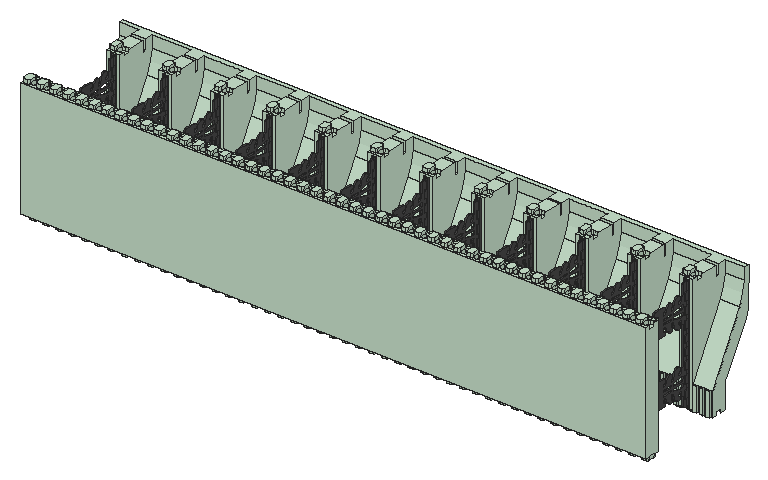
Revit family "ICF- NUDURA 10-inch- Brick Ledge Form Unit- Imperial", category Generic Models, Revit 2010
Parameters (values of type "Standard 6" Form Unit")
  Core Thickness = 0' - 6"
Reference planes (in)
  plane 1 "Center (Front/Back)": y = -2
  plane 2: z = 0
  plane 3 "Center (Left/Right)": x = 0
  plane 4: x = 96
  plane 5: y = 3
  plane 6: y = -7
  plane 7: y = 5.625
  plane 8: y = -9.625
  plane 9: z = 18
  plane 10: z = 18.5
  plane 11: z = -0.5
Forms (in)
  Extrusion 1, solid, material "NUDURA Expanded Polystyrene Foam Insulation"
    sketch origin (0, -4, 0) x (1, 0, 0) y (0, 1, 0)
      loop
        line (0.28117, -3.25) -> (0, -3.25) -> (0, -5.625) -> (96, -5.625) -> (96, -3.25) -> (95.71883, -3.25) -> (95.78117, -3) -> (95.21883, -3) -> (95.28117, -3.25) -> (94.71883, -3.25) -> (94.78117, -3) -> (94.21883, -3) -> (94.28117, -3.25) -> (93.71883, -3.25) -> (93.78117, -3) -> (93.21883, -3) -> (93.28117, -3.25) -> (90.71883, -3.25) -> (90.78117, -3) -> (90.21883, -3) -> (90.28117, -3.25) -> (89.71883, -3.25) -> (89.78117, -3) -> (89.21883, -3) -> (89.28117, -3.25) -> (88.71883, -3.25) -> (88.78117, -3) -> (88.21883, -3) -> (88.28117, -3.25) -> (87.71883, -3.25) -> (87.78117, -3) -> (87.21883, -3) -> (87.28117, -3.25) -> (86.71883, -3.25) -> (86.78117, -3) -> (86.21883, -3) -> (86.28117, -3.25) -> (85.71883, -3.25) -> (85.78117, -3) -> (85.21883, -3) -> (85.28117, -3.25) -> (82.71883, -3.25) -> (82.78117, -3) -> (82.21883, -3) -> (82.28117, -3.25) -> (81.71883, -3.25) -> (81.78117, -3) -> (81.21883, -3) -> (81.28117, -3.25) -> (80.71883, -3.25) -> (80.78117, -3) -> (80.21883, -3) -> (80.28117, -3.25) -> (79.71883, -3.25) -> (79.78117, -3) -> (79.21883, -3) -> (79.28117, -3.25) -> (78.71883, -3.25) -> (78.78117, -3) -> (78.21883, -3) -> (78.28117, -3.25) -> (77.71883, -3.25) -> (77.78117, -3) -> (77.21883, -3) -> (77.28117, -3.25) -> (74.71883, -3.25) -> (74.78117, -3) -> (74.21883, -3) -> (74.28117, -3.25) -> (73.71883, -3.25) -> (73.78117, -3) -> (73.21883, -3) -> (73.28117, -3.25) -> (72.71883, -3.25) -> (72.78117, -3) -> (72.21883, -3) -> (72.28117, -3.25) -> (71.71883, -3.25) -> (71.78117, -3) -> (71.21883, -3) -> (71.28117, -3.25) -> (70.71883, -3.25) -> (70.78117, -3) -> (70.21883, -3) -> (70.28117, -3.25) -> (69.71883, -3.25) -> (69.78117, -3) -> (69.21883, -3) -> (69.28117, -3.25) -> (66.71883, -3.25) -> (66.78117, -3) -> (66.21883, -3) -> (66.28117, -3.25) -> (65.71883, -3.25) -> (65.78117, -3) -> (65.21883, -3) -> (65.28117, -3.25) -> (64.71883, -3.25) -> (64.78117, -3) -> (64.21883, -3) -> (64.28117, -3.25) -> (63.71883, -3.25) -> (63.78117, -3) -> (63.21883, -3) -> (63.28117, -3.25) -> (62.71883, -3.25) -> (62.78117, -3) -> (62.21883, -3) -> (62.28117, -3.25) -> (61.71883, -3.25) -> (61.78117, -3) -> (61.21883, -3) -> (61.28117, -3.25) -> (58.71883, -3.25) -> (58.78117, -3) -> (58.21883, -3) -> (58.28117, -3.25) -> (57.71883, -3.25) -> (57.78117, -3) -> (57.21883, -3) -> (57.28117, -3.25) -> (56.71883, -3.25) -> (56.78117, -3) -> (56.21883, -3) -> (56.28117, -3.25) -> (55.71883, -3.25) -> (55.78117, -3) -> (55.21883, -3) -> (55.28117, -3.25) -> (54.71883, -3.25) -> (54.78117, -3) -> (54.21883, -3) -> (54.28117, -3.25) -> (53.71883, -3.25) -> (53.78117, -3) -> (53.21883, -3) -> (53.28117, -3.25) -> (50.71883, -3.25) -> (50.78117, -3) -> (50.21883, -3) -> (50.28117, -3.25) -> (49.71883, -3.25) -> (49.78117, -3) -> (49.21883, -3) -> (49.28117, -3.25) -> (48.71883, -3.25) -> (48.78117, -3) -> (48.21883, -3) -> (48.28117, -3.25) -> (47.71883, -3.25) -> (47.78117, -3) -> (47.21883, -3) -> (47.28117, -3.25) -> (46.71883, -3.25) -> (46.78117, -3) -> (46.21883, -3) -> (46.28117, -3.25) -> (45.71883, -3.25) -> (45.78117, -3) -> (45.21883, -3) -> (45.28117, -3.25) -> (42.71883, -3.25) -> (42.78117, -3) -> (42.21883, -3) -> (42.28117, -3.25) -> (41.71883, -3.25) -> (41.78117, -3) -> (41.21883, -3) -> (41.28117, -3.25) -> (40.71883, -3.25) -> (40.78117, -3) -> (40.21883, -3) -> (40.28117, -3.25) -> (39.71883, -3.25) -> (39.78117, -3) -> (39.21883, -3) -> (39.28117, -3.25) -> (38.71883, -3.25) -> (38.78117, -3) -> (38.21883, -3) -> (38.28117, -3.25) -> (37.71883, -3.25) -> (37.78117, -3) -> (37.21883, -3) -> (37.28117, -3.25) -> (34.71883, -3.25) -> (34.78117, -3) -> (34.21883, -3) -> (34.28117, -3.25) -> (33.71883, -3.25) -> (33.78117, -3) -> (33.21883, -3) -> (33.28117, -3.25) -> (32.71883, -3.25) -> (32.78117, -3) -> (32.21883, -3) -> (32.28117, -3.25) -> (31.71883, -3.25) -> (31.78117, -3) -> (31.21883, -3) -> (31.28117, -3.25) -> (30.71883, -3.25) -> (30.78117, -3) -> (30.21883, -3) -> (30.28117, -3.25) -> (29.71883, -3.25) -> (29.78117, -3) -> (29.21883, -3) -> (29.28117, -3.25) -> (26.71883, -3.25) -> (26.78117, -3) -> (26.21883, -3) -> (26.28117, -3.25) -> (25.71883, -3.25) -> (25.78117, -3) -> (25.21883, -3) -> (25.28117, -3.25) -> (24.71883, -3.25) -> (24.78117, -3) -> (24.21883, -3) -> (24.28117, -3.25) -> (23.71883, -3.25) -> (23.78117, -3) -> (23.21883, -3) -> (23.28117, -3.25) -> (22.71883, -3.25) -> (22.78117, -3) -> (22.21883, -3) -> (22.28117, -3.25) -> (21.71883, -3.25) -> (21.78117, -3) -> (21.21883, -3) -> (21.28117, -3.25) -> (18.71883, -3.25) -> (18.78117, -3) -> (18.21883, -3) -> (18.28117, -3.25) -> (17.71883, -3.25) -> (17.78117, -3) -> (17.21883, -3) -> (17.28117, -3.25) -> (16.71883, -3.25) -> (16.78117, -3) -> (16.21883, -3) -> (16.28117, -3.25) -> (15.71883, -3.25) -> (15.78117, -3) -> (15.21883, -3) -> (15.28117, -3.25) -> (14.71883, -3.25) -> (14.78117, -3) -> (14.21883, -3) -> (14.28117, -3.25) -> (13.71883, -3.25) -> (13.78117, -3) -> (13.21883, -3) -> (13.28117, -3.25) -> (10.71883, -3.25) -> (10.78117, -3) -> (10.21883, -3) -> (10.28117, -3.25) -> (9.71883, -3.25) -> (9.78117, -3) -> (9.21883, -3) -> (9.28117, -3.25) -> (8.71883, -3.25) -> (8.78117, -3) -> (8.21883, -3) -> (8.28117, -3.25) -> (7.71883, -3.25) -> (7.78117, -3) -> (7.21883, -3) -> (7.28117, -3.25) -> (6.71883, -3.25) -> (6.78117, -3) -> (6.21883, -3) -> (6.28117, -3.25) -> (5.71883, -3.25) -> (5.78117, -3) -> (5.21883, -3) -> (5.28117, -3.25) -> (2.71883, -3.25) -> (2.78117, -3) -> (2.21883, -3) -> (2.28117, -3.25) -> (1.71883, -3.25) -> (1.78117, -3) -> (1.21883, -3) -> (1.28117, -3.25) -> (0.71883, -3.25) -> (0.78117, -3) -> (0.21883, -3) -> (0.28117, -3.25)
    from 0 to 18
  Extrusion 2, void
    sketch origin (0, -4, 0) x (1, 0, 0) y (0, 1, 0)
      loop
        arc (1, -4.89808) -> (1.04785, -5.04517) -> (1.17308, -5.13595) r 0.25
        arc (1.17308, -5.13595) -> (1.5, -5.1875) -> (1.82692, -5.13595) r 1.0625
        arc (1.82692, -5.13595) -> (1.95215, -5.04517) -> (2, -4.89808) r 0.25
        line (2, -4.89808) -> (2, -3.97692)
        arc (2, -3.97692) -> (1.98276, -3.88568) -> (1.9334, -3.80702) r 0.25
        arc (1.9334, -3.80702) -> (1.92106, -3.78736) -> (1.91675, -3.76455) r 0.0625
        line (1.91675, -3.76455) -> (1.91675, -3.41845) -> (1.74592, -3.41845) -> (1.74592, -3.64005)
        arc (1.74592, -3.64005) -> (1.72385, -3.68771) -> (1.67323, -3.70172) r 0.0625
        arc (1.67323, -3.70172) -> (1.42092, -3.69045) -> (1.17308, -3.73905) r 1.0625
        arc (1.17308, -3.73905) -> (1.04785, -3.82983) -> (1, -3.97692) r 0.25
        line (1, -3.97692) -> (1, -4.89808)
    from 18 to 17.5
  Extrusion 3, void
    sketch origin (2, -4, 0) x (1, 0, 0) y (0, 1, 0)
      loop
        arc (1, -4.89808) -> (1.04785, -5.04517) -> (1.17308, -5.13595) r 0.25
        arc (1.17308, -5.13595) -> (1.5, -5.1875) -> (1.82692, -5.13595) r 1.0625
        arc (1.82692, -5.13595) -> (1.95215, -5.04517) -> (2, -4.89808) r 0.25
        line (2, -4.89808) -> (2, -3.97692)
        arc (2, -3.97692) -> (1.98276, -3.88568) -> (1.9334, -3.80702) r 0.25
        arc (1.9334, -3.80702) -> (1.92106, -3.78736) -> (1.91675, -3.76455) r 0.0625
        line (1.91675, -3.76455) -> (1.91675, -3.41845) -> (1.74592, -3.41845) -> (1.74592, -3.64005)
        arc (1.74592, -3.64005) -> (1.72385, -3.68771) -> (1.67323, -3.70172) r 0.0625
        arc (1.67323, -3.70172) -> (1.42092, -3.69045) -> (1.17308, -3.73905) r 1.0625
        arc (1.17308, -3.73905) -> (1.04785, -3.82983) -> (1, -3.97692) r 0.25
        line (1, -3.97692) -> (1, -4.89808)
    from 18 to 17.5
  Extrusion 4, void
    sketch origin (4, -4, 0) x (1, 0, 0) y (0, 1, 0)
      loop
        arc (1, -4.89808) -> (1.04785, -5.04517) -> (1.17308, -5.13595) r 0.25
        arc (1.17308, -5.13595) -> (1.5, -5.1875) -> (1.82692, -5.13595) r 1.0625
        arc (1.82692, -5.13595) -> (1.95215, -5.04517) -> (2, -4.89808) r 0.25
        line (2, -4.89808) -> (2, -3.97692)
        arc (2, -3.97692) -> (1.98276, -3.88568) -> (1.9334, -3.80702) r 0.25
        arc (1.9334, -3.80702) -> (1.92106, -3.78736) -> (1.91675, -3.76455) r 0.0625
        line (1.91675, -3.76455) -> (1.91675, -3.41845) -> (1.74592, -3.41845) -> (1.74592, -3.64005)
        arc (1.74592, -3.64005) -> (1.72385, -3.68771) -> (1.67323, -3.70172) r 0.0625
        arc (1.67323, -3.70172) -> (1.42092, -3.69045) -> (1.17308, -3.73905) r 1.0625
        arc (1.17308, -3.73905) -> (1.04785, -3.82983) -> (1, -3.97692) r 0.25
        line (1, -3.97692) -> (1, -4.89808)
    from 18 to 17.5
  Extrusion 5, void
    sketch origin (6, -4, 0) x (1, 0, 0) y (0, 1, 0)
      loop
        arc (1, -4.89808) -> (1.04785, -5.04517) -> (1.17308, -5.13595) r 0.25
        arc (1.17308, -5.13595) -> (1.5, -5.1875) -> (1.82692, -5.13595) r 1.0625
        arc (1.82692, -5.13595) -> (1.95215, -5.04517) -> (2, -4.89808) r 0.25
        line (2, -4.89808) -> (2, -3.97692)
        arc (2, -3.97692) -> (1.98276, -3.88568) -> (1.9334, -3.80702) r 0.25
        arc (1.9334, -3.80702) -> (1.92106, -3.78736) -> (1.91675, -3.76455) r 0.0625
        line (1.91675, -3.76455) -> (1.91675, -3.41845) -> (1.74592, -3.41845) -> (1.74592, -3.64005)
        arc (1.74592, -3.64005) -> (1.72385, -3.68771) -> (1.67323, -3.70172) r 0.0625
        arc (1.67323, -3.70172) -> (1.42092, -3.69045) -> (1.17308, -3.73905) r 1.0625
        arc (1.17308, -3.73905) -> (1.04785, -3.82983) -> (1, -3.97692) r 0.25
        line (1, -3.97692) -> (1, -4.89808)
    from 18 to 17.5
  Extrusion 6, void
    sketch origin (8, -4, 0) x (1, 0, 0) y (0, 1, 0)
      loop
        arc (1, -4.89808) -> (1.04785, -5.04517) -> (1.17308, -5.13595) r 0.25
        arc (1.17308, -5.13595) -> (1.5, -5.1875) -> (1.82692, -5.13595) r 1.0625
        arc (1.82692, -5.13595) -> (1.95215, -5.04517) -> (2, -4.89808) r 0.25
        line (2, -4.89808) -> (2, -3.97692)
        arc (2, -3.97692) -> (1.98276, -3.88568) -> (1.9334, -3.80702) r 0.25
        arc (1.9334, -3.80702) -> (1.92106, -3.78736) -> (1.91675, -3.76455) r 0.0625
        line (1.91675, -3.76455) -> (1.91675, -3.41845) -> (1.74592, -3.41845) -> (1.74592, -3.64005)
        arc (1.74592, -3.64005) -> (1.72385, -3.68771) -> (1.67323, -3.70172) r 0.0625
        arc (1.67323, -3.70172) -> (1.42092, -3.69045) -> (1.17308, -3.73905) r 1.0625
        arc (1.17308, -3.73905) -> (1.04785, -3.82983) -> (1, -3.97692) r 0.25
        line (1, -3.97692) -> (1, -4.89808)
    from 18 to 17.5
  Extrusion 7, void
    sketch origin (10, -4, 0) x (1, 0, 0) y (0, 1, 0)
      loop
        arc (1, -4.89808) -> (1.04785, -5.04517) -> (1.17308, -5.13595) r 0.25
        arc (1.17308, -5.13595) -> (1.5, -5.1875) -> (1.82692, -5.13595) r 1.0625
        arc (1.82692, -5.13595) -> (1.95215, -5.04517) -> (2, -4.89808) r 0.25
        line (2, -4.89808) -> (2, -3.97692)
        arc (2, -3.97692) -> (1.98276, -3.88568) -> (1.9334, -3.80702) r 0.25
        arc (1.9334, -3.80702) -> (1.92106, -3.78736) -> (1.91675, -3.76455) r 0.0625
        line (1.91675, -3.76455) -> (1.91675, -3.41845) -> (1.74592, -3.41845) -> (1.74592, -3.64005)
        arc (1.74592, -3.64005) -> (1.72385, -3.68771) -> (1.67323, -3.70172) r 0.0625
        arc (1.67323, -3.70172) -> (1.42092, -3.69045) -> (1.17308, -3.73905) r 1.0625
        arc (1.17308, -3.73905) -> (1.04785, -3.82983) -> (1, -3.97692) r 0.25
        line (1, -3.97692) -> (1, -4.89808)
    from 18 to 17.5
  Extrusion 8, void
    sketch origin (12, -4, 0) x (1, 0, 0) y (0, 1, 0)
      loop
        arc (1, -4.89808) -> (1.04785, -5.04517) -> (1.17308, -5.13595) r 0.25
        arc (1.17308, -5.13595) -> (1.5, -5.1875) -> (1.82692, -5.13595) r 1.0625
        arc (1.82692, -5.13595) -> (1.95215, -5.04517) -> (2, -4.89808) r 0.25
        line (2, -4.89808) -> (2, -3.97692)
        arc (2, -3.97692) -> (1.98276, -3.88568) -> (1.9334, -3.80702) r 0.25
        arc (1.9334, -3.80702) -> (1.92106, -3.78736) -> (1.91675, -3.76455) r 0.0625
        line (1.91675, -3.76455) -> (1.91675, -3.41845) -> (1.74592, -3.41845) -> (1.74592, -3.64005)
        arc (1.74592, -3.64005) -> (1.72385, -3.68771) -> (1.67323, -3.70172) r 0.0625
        arc (1.67323, -3.70172) -> (1.42092, -3.69045) -> (1.17308, -3.73905) r 1.0625
        arc (1.17308, -3.73905) -> (1.04785, -3.82983) -> (1, -3.97692) r 0.25
        line (1, -3.97692) -> (1, -4.89808)
    from 18 to 17.5
  Extrusion 9, void
    sketch origin (14, -4, 0) x (1, 0, 0) y (0, 1, 0)
      loop
        arc (1, -4.89808) -> (1.04785, -5.04517) -> (1.17308, -5.13595) r 0.25
        arc (1.17308, -5.13595) -> (1.5, -5.1875) -> (1.82692, -5.13595) r 1.0625
        arc (1.82692, -5.13595) -> (1.95215, -5.04517) -> (2, -4.89808) r 0.25
        line (2, -4.89808) -> (2, -3.97692)
        arc (2, -3.97692) -> (1.98276, -3.88568) -> (1.9334, -3.80702) r 0.25
        arc (1.9334, -3.80702) -> (1.92106, -3.78736) -> (1.91675, -3.76455) r 0.0625
        line (1.91675, -3.76455) -> (1.91675, -3.41845) -> (1.74592, -3.41845) -> (1.74592, -3.64005)
        arc (1.74592, -3.64005) -> (1.72385, -3.68771) -> (1.67323, -3.70172) r 0.0625
        arc (1.67323, -3.70172) -> (1.42092, -3.69045) -> (1.17308, -3.73905) r 1.0625
        arc (1.17308, -3.73905) -> (1.04785, -3.82983) -> (1, -3.97692) r 0.25
        line (1, -3.97692) -> (1, -4.89808)
    from 18 to 17.5
  Extrusion 10, void
    sketch origin (16, -4, 0) x (1, 0, 0) y (0, 1, 0)
      loop
        arc (1, -4.89808) -> (1.04785, -5.04517) -> (1.17308, -5.13595) r 0.25
        arc (1.17308, -5.13595) -> (1.5, -5.1875) -> (1.82692, -5.13595) r 1.0625
        arc (1.82692, -5.13595) -> (1.95215, -5.04517) -> (2, -4.89808) r 0.25
        line (2, -4.89808) -> (2, -3.97692)
        arc (2, -3.97692) -> (1.98276, -3.88568) -> (1.9334, -3.80702) r 0.25
        arc (1.9334, -3.80702) -> (1.92106, -3.78736) -> (1.91675, -3.76455) r 0.0625
        line (1.91675, -3.76455) -> (1.91675, -3.41845) -> (1.74592, -3.41845) -> (1.74592, -3.64005)
        arc (1.74592, -3.64005) -> (1.72385, -3.68771) -> (1.67323, -3.70172) r 0.0625
        arc (1.67323, -3.70172) -> (1.42092, -3.69045) -> (1.17308, -3.73905) r 1.0625
        arc (1.17308, -3.73905) -> (1.04785, -3.82983) -> (1, -3.97692) r 0.25
        line (1, -3.97692) -> (1, -4.89808)
    from 18 to 17.5
  Extrusion 11, void
    sketch origin (18, -4, 0) x (1, 0, 0) y (0, 1, 0)
      loop
        arc (1, -4.89808) -> (1.04785, -5.04517) -> (1.17308, -5.13595) r 0.25
        arc (1.17308, -5.13595) -> (1.5, -5.1875) -> (1.82692, -5.13595) r 1.0625
        arc (1.82692, -5.13595) -> (1.95215, -5.04517) -> (2, -4.89808) r 0.25
        line (2, -4.89808) -> (2, -3.97692)
        arc (2, -3.97692) -> (1.98276, -3.88568) -> (1.9334, -3.80702) r 0.25
        arc (1.9334, -3.80702) -> (1.92106, -3.78736) -> (1.91675, -3.76455) r 0.0625
        line (1.91675, -3.76455) -> (1.91675, -3.41845) -> (1.74592, -3.41845) -> (1.74592, -3.64005)
        arc (1.74592, -3.64005) -> (1.72385, -3.68771) -> (1.67323, -3.70172) r 0.0625
        arc (1.67323, -3.70172) -> (1.42092, -3.69045) -> (1.17308, -3.73905) r 1.0625
        arc (1.17308, -3.73905) -> (1.04785, -3.82983) -> (1, -3.97692) r 0.25
        line (1, -3.97692) -> (1, -4.89808)
    from 18 to 17.5
  Extrusion 12, void
    sketch origin (20, -4, 0) x (1, 0, 0) y (0, 1, 0)
      loop
        arc (1, -4.89808) -> (1.04785, -5.04517) -> (1.17308, -5.13595) r 0.25
        arc (1.17308, -5.13595) -> (1.5, -5.1875) -> (1.82692, -5.13595) r 1.0625
        arc (1.82692, -5.13595) -> (1.95215, -5.04517) -> (2, -4.89808) r 0.25
        line (2, -4.89808) -> (2, -3.97692)
        arc (2, -3.97692) -> (1.98276, -3.88568) -> (1.9334, -3.80702) r 0.25
        arc (1.9334, -3.80702) -> (1.92106, -3.78736) -> (1.91675, -3.76455) r 0.0625
        line (1.91675, -3.76455) -> (1.91675, -3.41845) -> (1.74592, -3.41845) -> (1.74592, -3.64005)
        arc (1.74592, -3.64005) -> (1.72385, -3.68771) -> (1.67323, -3.70172) r 0.0625
        arc (1.67323, -3.70172) -> (1.42092, -3.69045) -> (1.17308, -3.73905) r 1.0625
        arc (1.17308, -3.73905) -> (1.04785, -3.82983) -> (1, -3.97692) r 0.25
        line (1, -3.97692) -> (1, -4.89808)
    from 18 to 17.5
  Extrusion 13, void
    sketch origin (22, -4, 0) x (1, 0, 0) y (0, 1, 0)
      loop
        arc (1, -4.89808) -> (1.04785, -5.04517) -> (1.17308, -5.13595) r 0.25
        arc (1.17308, -5.13595) -> (1.5, -5.1875) -> (1.82692, -5.13595) r 1.0625
        arc (1.82692, -5.13595) -> (1.95215, -5.04517) -> (2, -4.89808) r 0.25
        line (2, -4.89808) -> (2, -3.97692)
        arc (2, -3.97692) -> (1.98276, -3.88568) -> (1.9334, -3.80702) r 0.25
        arc (1.9334, -3.80702) -> (1.92106, -3.78736) -> (1.91675, -3.76455) r 0.0625
        line (1.91675, -3.76455) -> (1.91675, -3.41845) -> (1.74592, -3.41845) -> (1.74592, -3.64005)
        arc (1.74592, -3.64005) -> (1.72385, -3.68771) -> (1.67323, -3.70172) r 0.0625
        arc (1.67323, -3.70172) -> (1.42092, -3.69045) -> (1.17308, -3.73905) r 1.0625
        arc (1.17308, -3.73905) -> (1.04785, -3.82983) -> (1, -3.97692) r 0.25
        line (1, -3.97692) -> (1, -4.89808)
    from 18 to 17.5
  Extrusion 14, void
    sketch origin (24, -4, 0) x (1, 0, 0) y (0, 1, 0)
      loop
        arc (1, -4.89808) -> (1.04785, -5.04517) -> (1.17308, -5.13595) r 0.25
        arc (1.17308, -5.13595) -> (1.5, -5.1875) -> (1.82692, -5.13595) r 1.0625
        arc (1.82692, -5.13595) -> (1.95215, -5.04517) -> (2, -4.89808) r 0.25
        line (2, -4.89808) -> (2, -3.97692)
        arc (2, -3.97692) -> (1.98276, -3.88568) -> (1.9334, -3.80702) r 0.25
        arc (1.9334, -3.80702) -> (1.92106, -3.78736) -> (1.91675, -3.76455) r 0.0625
        line (1.91675, -3.76455) -> (1.91675, -3.41845) -> (1.74592, -3.41845) -> (1.74592, -3.64005)
        arc (1.74592, -3.64005) -> (1.72385, -3.68771) -> (1.67323, -3.70172) r 0.0625
        arc (1.67323, -3.70172) -> (1.42092, -3.69045) -> (1.17308, -3.73905) r 1.0625
        arc (1.17308, -3.73905) -> (1.04785, -3.82983) -> (1, -3.97692) r 0.25
        line (1, -3.97692) -> (1, -4.89808)
    from 18 to 17.5
  Extrusion 15, void
    sketch origin (26, -4, 0) x (1, 0, 0) y (0, 1, 0)
      loop
        arc (1, -4.89808) -> (1.04785, -5.04517) -> (1.17308, -5.13595) r 0.25
        arc (1.17308, -5.13595) -> (1.5, -5.1875) -> (1.82692, -5.13595) r 1.0625
        arc (1.82692, -5.13595) -> (1.95215, -5.04517) -> (2, -4.89808) r 0.25
        line (2, -4.89808) -> (2, -3.97692)
        arc (2, -3.97692) -> (1.98276, -3.88568) -> (1.9334, -3.80702) r 0.25
        arc (1.9334, -3.80702) -> (1.92106, -3.78736) -> (1.91675, -3.76455) r 0.0625
        line (1.91675, -3.76455) -> (1.91675, -3.41845) -> (1.74592, -3.41845) -> (1.74592, -3.64005)
        arc (1.74592, -3.64005) -> (1.72385, -3.68771) -> (1.67323, -3.70172) r 0.0625
        arc (1.67323, -3.70172) -> (1.42092, -3.69045) -> (1.17308, -3.73905) r 1.0625
        arc (1.17308, -3.73905) -> (1.04785, -3.82983) -> (1, -3.97692) r 0.25
        line (1, -3.97692) -> (1, -4.89808)
    from 18 to 17.5
  Extrusion 16, void
    sketch origin (28, -4, 0) x (1, 0, 0) y (0, 1, 0)
      loop
        arc (1, -4.89808) -> (1.04785, -5.04517) -> (1.17308, -5.13595) r 0.25
        arc (1.17308, -5.13595) -> (1.5, -5.1875) -> (1.82692, -5.13595) r 1.0625
        arc (1.82692, -5.13595) -> (1.95215, -5.04517) -> (2, -4.89808) r 0.25
        line (2, -4.89808) -> (2, -3.97692)
        arc (2, -3.97692) -> (1.98276, -3.88568) -> (1.9334, -3.80702) r 0.25
        arc (1.9334, -3.80702) -> (1.92106, -3.78736) -> (1.91675, -3.76455) r 0.0625
        line (1.91675, -3.76455) -> (1.91675, -3.41845) -> (1.74592, -3.41845) -> (1.74592, -3.64005)
        arc (1.74592, -3.64005) -> (1.72385, -3.68771) -> (1.67323, -3.70172) r 0.0625
        arc (1.67323, -3.70172) -> (1.42092, -3.69045) -> (1.17308, -3.73905) r 1.0625
        arc (1.17308, -3.73905) -> (1.04785, -3.82983) -> (1, -3.97692) r 0.25
        line (1, -3.97692) -> (1, -4.89808)
    from 18 to 17.5
  Extrusion 17, void
    sketch origin (30, -4, 0) x (1, 0, 0) y (0, 1, 0)
      loop
        arc (1, -4.89808) -> (1.04785, -5.04517) -> (1.17308, -5.13595) r 0.25
        arc (1.17308, -5.13595) -> (1.5, -5.1875) -> (1.82692, -5.13595) r 1.0625
        arc (1.82692, -5.13595) -> (1.95215, -5.04517) -> (2, -4.89808) r 0.25
        line (2, -4.89808) -> (2, -3.97692)
        arc (2, -3.97692) -> (1.98276, -3.88568) -> (1.9334, -3.80702) r 0.25
        arc (1.9334, -3.80702) -> (1.92106, -3.78736) -> (1.91675, -3.76455) r 0.0625
        line (1.91675, -3.76455) -> (1.91675, -3.41845) -> (1.74592, -3.41845) -> (1.74592, -3.64005)
        arc (1.74592, -3.64005) -> (1.72385, -3.68771) -> (1.67323, -3.70172) r 0.0625
        arc (1.67323, -3.70172) -> (1.42092, -3.69045) -> (1.17308, -3.73905) r 1.0625
        arc (1.17308, -3.73905) -> (1.04785, -3.82983) -> (1, -3.97692) r 0.25
        line (1, -3.97692) -> (1, -4.89808)
    from 18 to 17.5
  Extrusion 18, void
    sketch origin (32, -4, 0) x (1, 0, 0) y (0, 1, 0)
      loop
        arc (1, -4.89808) -> (1.04785, -5.04517) -> (1.17308, -5.13595) r 0.25
        arc (1.17308, -5.13595) -> (1.5, -5.1875) -> (1.82692, -5.13595) r 1.0625
        arc (1.82692, -5.13595) -> (1.95215, -5.04517) -> (2, -4.89808) r 0.25
        line (2, -4.89808) -> (2, -3.97692)
        arc (2, -3.97692) -> (1.98276, -3.88568) -> (1.9334, -3.80702) r 0.25
        arc (1.9334, -3.80702) -> (1.92106, -3.78736) -> (1.91675, -3.76455) r 0.0625
        line (1.91675, -3.76455) -> (1.91675, -3.41845) -> (1.74592, -3.41845) -> (1.74592, -3.64005)
        arc (1.74592, -3.64005) -> (1.72385, -3.68771) -> (1.67323, -3.70172) r 0.0625
        arc (1.67323, -3.70172) -> (1.42092, -3.69045) -> (1.17308, -3.73905) r 1.0625
        arc (1.17308, -3.73905) -> (1.04785, -3.82983) -> (1, -3.97692) r 0.25
        line (1, -3.97692) -> (1, -4.89808)
    from 18 to 17.5
  Extrusion 19, void
    sketch origin (34, -4, 0) x (1, 0, 0) y (0, 1, 0)
      loop
        arc (1, -4.89808) -> (1.04785, -5.04517) -> (1.17308, -5.13595) r 0.25
        arc (1.17308, -5.13595) -> (1.5, -5.1875) -> (1.82692, -5.13595) r 1.0625
        arc (1.82692, -5.13595) -> (1.95215, -5.04517) -> (2, -4.89808) r 0.25
        line (2, -4.89808) -> (2, -3.97692)
        arc (2, -3.97692) -> (1.98276, -3.88568) -> (1.9334, -3.80702) r 0.25
        arc (1.9334, -3.80702) -> (1.92106, -3.78736) -> (1.91675, -3.76455) r 0.0625
        line (1.91675, -3.76455) -> (1.91675, -3.41845) -> (1.74592, -3.41845) -> (1.74592, -3.64005)
        arc (1.74592, -3.64005) -> (1.72385, -3.68771) -> (1.67323, -3.70172) r 0.0625
        arc (1.67323, -3.70172) -> (1.42092, -3.69045) -> (1.17308, -3.73905) r 1.0625
        arc (1.17308, -3.73905) -> (1.04785, -3.82983) -> (1, -3.97692) r 0.25
        line (1, -3.97692) -> (1, -4.89808)
    from 18 to 17.5
  Extrusion 20, void
    sketch origin (36, -4, 0) x (1, 0, 0) y (0, 1, 0)
      loop
        arc (1, -4.89808) -> (1.04785, -5.04517) -> (1.17308, -5.13595) r 0.25
        arc (1.17308, -5.13595) -> (1.5, -5.1875) -> (1.82692, -5.13595) r 1.0625
        arc (1.82692, -5.13595) -> (1.95215, -5.04517) -> (2, -4.89808) r 0.25
        line (2, -4.89808) -> (2, -3.97692)
        arc (2, -3.97692) -> (1.98276, -3.88568) -> (1.9334, -3.80702) r 0.25
        arc (1.9334, -3.80702) -> (1.92106, -3.78736) -> (1.91675, -3.76455) r 0.0625
        line (1.91675, -3.76455) -> (1.91675, -3.41845) -> (1.74592, -3.41845) -> (1.74592, -3.64005)
        arc (1.74592, -3.64005) -> (1.72385, -3.68771) -> (1.67323, -3.70172) r 0.0625
        arc (1.67323, -3.70172) -> (1.42092, -3.69045) -> (1.17308, -3.73905) r 1.0625
        arc (1.17308, -3.73905) -> (1.04785, -3.82983) -> (1, -3.97692) r 0.25
        line (1, -3.97692) -> (1, -4.89808)
    from 18 to 17.5
  Extrusion 21, void
    sketch origin (38, -4, 0) x (1, 0, 0) y (0, 1, 0)
      loop
        arc (1, -4.89808) -> (1.04785, -5.04517) -> (1.17308, -5.13595) r 0.25
        arc (1.17308, -5.13595) -> (1.5, -5.1875) -> (1.82692, -5.13595) r 1.0625
        arc (1.82692, -5.13595) -> (1.95215, -5.04517) -> (2, -4.89808) r 0.25
        line (2, -4.89808) -> (2, -3.97692)
        arc (2, -3.97692) -> (1.98276, -3.88568) -> (1.9334, -3.80702) r 0.25
        arc (1.9334, -3.80702) -> (1.92106, -3.78736) -> (1.91675, -3.76455) r 0.0625
        line (1.91675, -3.76455) -> (1.91675, -3.41845) -> (1.74592, -3.41845) -> (1.74592, -3.64005)
        arc (1.74592, -3.64005) -> (1.72385, -3.68771) -> (1.67323, -3.70172) r 0.0625
        arc (1.67323, -3.70172) -> (1.42092, -3.69045) -> (1.17308, -3.73905) r 1.0625
        arc (1.17308, -3.73905) -> (1.04785, -3.82983) -> (1, -3.97692) r 0.25
        line (1, -3.97692) -> (1, -4.89808)
    from 18 to 17.5
  Extrusion 22, void
    sketch origin (40, -4, 0) x (1, 0, 0) y (0, 1, 0)
      loop
        arc (1, -4.89808) -> (1.04785, -5.04517) -> (1.17308, -5.13595) r 0.25
        arc (1.17308, -5.13595) -> (1.5, -5.1875) -> (1.82692, -5.13595) r 1.0625
        arc (1.82692, -5.13595) -> (1.95215, -5.04517) -> (2, -4.89808) r 0.25
        line (2, -4.89808) -> (2, -3.97692)
        arc (2, -3.97692) -> (1.98276, -3.88568) -> (1.9334, -3.80702) r 0.25
        arc (1.9334, -3.80702) -> (1.92106, -3.78736) -> (1.91675, -3.76455) r 0.0625
        line (1.91675, -3.76455) -> (1.91675, -3.41845) -> (1.74592, -3.41845) -> (1.74592, -3.64005)
        arc (1.74592, -3.64005) -> (1.72385, -3.68771) -> (1.67323, -3.70172) r 0.0625
        arc (1.67323, -3.70172) -> (1.42092, -3.69045) -> (1.17308, -3.73905) r 1.0625
        arc (1.17308, -3.73905) -> (1.04785, -3.82983) -> (1, -3.97692) r 0.25
        line (1, -3.97692) -> (1, -4.89808)
    from 18 to 17.5
  Extrusion 23, void
    sketch origin (42, -4, 0) x (1, 0, 0) y (0, 1, 0)
      loop
        arc (1, -4.89808) -> (1.04785, -5.04517) -> (1.17308, -5.13595) r 0.25
        arc (1.17308, -5.13595) -> (1.5, -5.1875) -> (1.82692, -5.13595) r 1.0625
        arc (1.82692, -5.13595) -> (1.95215, -5.04517) -> (2, -4.89808) r 0.25
        line (2, -4.89808) -> (2, -3.97692)
        arc (2, -3.97692) -> (1.98276, -3.88568) -> (1.9334, -3.80702) r 0.25
        arc (1.9334, -3.80702) -> (1.92106, -3.78736) -> (1.91675, -3.76455) r 0.0625
        line (1.91675, -3.76455) -> (1.91675, -3.41845) -> (1.74592, -3.41845) -> (1.74592, -3.64005)
        arc (1.74592, -3.64005) -> (1.72385, -3.68771) -> (1.67323, -3.70172) r 0.0625
        arc (1.67323, -3.70172) -> (1.42092, -3.69045) -> (1.17308, -3.73905) r 1.0625
        arc (1.17308, -3.73905) -> (1.04785, -3.82983) -> (1, -3.97692) r 0.25
        line (1, -3.97692) -> (1, -4.89808)
    from 18 to 17.5
  Extrusion 24, void
    sketch origin (44, -4, 0) x (1, 0, 0) y (0, 1, 0)
      loop
        arc (1, -4.89808) -> (1.04785, -5.04517) -> (1.17308, -5.13595) r 0.25
        arc (1.17308, -5.13595) -> (1.5, -5.1875) -> (1.82692, -5.13595) r 1.0625
        arc (1.82692, -5.13595) -> (1.95215, -5.04517) -> (2, -4.89808) r 0.25
        line (2, -4.89808) -> (2, -3.97692)
        arc (2, -3.97692) -> (1.98276, -3.88568) -> (1.9334, -3.80702) r 0.25
        arc (1.9334, -3.80702) -> (1.92106, -3.78736) -> (1.91675, -3.76455) r 0.0625
        line (1.91675, -3.76455) -> (1.91675, -3.41845) -> (1.74592, -3.41845) -> (1.74592, -3.64005)
        arc (1.74592, -3.64005) -> (1.72385, -3.68771) -> (1.67323, -3.70172) r 0.0625
        arc (1.67323, -3.70172) -> (1.42092, -3.69045) -> (1.17308, -3.73905) r 1.0625
        arc (1.17308, -3.73905) -> (1.04785, -3.82983) -> (1, -3.97692) r 0.25
        line (1, -3.97692) -> (1, -4.89808)
    from 18 to 17.5
  Extrusion 25, void
    sketch origin (46, -4, 0) x (1, 0, 0) y (0, 1, 0)
      loop
        arc (1, -4.89808) -> (1.04785, -5.04517) -> (1.17308, -5.13595) r 0.25
        arc (1.17308, -5.13595) -> (1.5, -5.1875) -> (1.82692, -5.13595) r 1.0625
        arc (1.82692, -5.13595) -> (1.95215, -5.04517) -> (2, -4.89808) r 0.25
        line (2, -4.89808) -> (2, -3.97692)
        arc (2, -3.97692) -> (1.98276, -3.88568) -> (1.9334, -3.80702) r 0.25
        arc (1.9334, -3.80702) -> (1.92106, -3.78736) -> (1.91675, -3.76455) r 0.0625
        line (1.91675, -3.76455) -> (1.91675, -3.41845) -> (1.74592, -3.41845) -> (1.74592, -3.64005)
        arc (1.74592, -3.64005) -> (1.72385, -3.68771) -> (1.67323, -3.70172) r 0.0625
        arc (1.67323, -3.70172) -> (1.42092, -3.69045) -> (1.17308, -3.73905) r 1.0625
        arc (1.17308, -3.73905) -> (1.04785, -3.82983) -> (1, -3.97692) r 0.25
        line (1, -3.97692) -> (1, -4.89808)
    from 18 to 17.5
  Extrusion 26, void
    sketch origin (48, -4, 0) x (1, 0, 0) y (0, 1, 0)
      loop
        arc (1, -4.89808) -> (1.04785, -5.04517) -> (1.17308, -5.13595) r 0.25
        arc (1.17308, -5.13595) -> (1.5, -5.1875) -> (1.82692, -5.13595) r 1.0625
        arc (1.82692, -5.13595) -> (1.95215, -5.04517) -> (2, -4.89808) r 0.25
        line (2, -4.89808) -> (2, -3.97692)
        arc (2, -3.97692) -> (1.98276, -3.88568) -> (1.9334, -3.80702) r 0.25
        arc (1.9334, -3.80702) -> (1.92106, -3.78736) -> (1.91675, -3.76455) r 0.0625
        line (1.91675, -3.76455) -> (1.91675, -3.41845) -> (1.74592, -3.41845) -> (1.74592, -3.64005)
        arc (1.74592, -3.64005) -> (1.72385, -3.68771) -> (1.67323, -3.70172) r 0.0625
        arc (1.67323, -3.70172) -> (1.42092, -3.69045) -> (1.17308, -3.73905) r 1.0625
        arc (1.17308, -3.73905) -> (1.04785, -3.82983) -> (1, -3.97692) r 0.25
        line (1, -3.97692) -> (1, -4.89808)
    from 18 to 17.5
  Extrusion 27, void
    sketch origin (50, -4, 0) x (1, 0, 0) y (0, 1, 0)
      loop
        arc (1, -4.89808) -> (1.04785, -5.04517) -> (1.17308, -5.13595) r 0.25
        arc (1.17308, -5.13595) -> (1.5, -5.1875) -> (1.82692, -5.13595) r 1.0625
        arc (1.82692, -5.13595) -> (1.95215, -5.04517) -> (2, -4.89808) r 0.25
        line (2, -4.89808) -> (2, -3.97692)
        arc (2, -3.97692) -> (1.98276, -3.88568) -> (1.9334, -3.80702) r 0.25
        arc (1.9334, -3.80702) -> (1.92106, -3.78736) -> (1.91675, -3.76455) r 0.0625
        line (1.91675, -3.76455) -> (1.91675, -3.41845) -> (1.74592, -3.41845) -> (1.74592, -3.64005)
        arc (1.74592, -3.64005) -> (1.72385, -3.68771) -> (1.67323, -3.70172) r 0.0625
        arc (1.67323, -3.70172) -> (1.42092, -3.69045) -> (1.17308, -3.73905) r 1.0625
        arc (1.17308, -3.73905) -> (1.04785, -3.82983) -> (1, -3.97692) r 0.25
        line (1, -3.97692) -> (1, -4.89808)
    from 18 to 17.5
  Extrusion 28, void
    sketch origin (52, -4, 0) x (1, 0, 0) y (0, 1, 0)
      loop
        arc (1, -4.89808) -> (1.04785, -5.04517) -> (1.17308, -5.13595) r 0.25
        arc (1.17308, -5.13595) -> (1.5, -5.1875) -> (1.82692, -5.13595) r 1.0625
        arc (1.82692, -5.13595) -> (1.95215, -5.04517) -> (2, -4.89808) r 0.25
        line (2, -4.89808) -> (2, -3.97692)
        arc (2, -3.97692) -> (1.98276, -3.88568) -> (1.9334, -3.80702) r 0.25
        arc (1.9334, -3.80702) -> (1.92106, -3.78736) -> (1.91675, -3.76455) r 0.0625
        line (1.91675, -3.76455) -> (1.91675, -3.41845) -> (1.74592, -3.41845) -> (1.74592, -3.64005)
        arc (1.74592, -3.64005) -> (1.72385, -3.68771) -> (1.67323, -3.70172) r 0.0625
        arc (1.67323, -3.70172) -> (1.42092, -3.69045) -> (1.17308, -3.73905) r 1.0625
        arc (1.17308, -3.73905) -> (1.04785, -3.82983) -> (1, -3.97692) r 0.25
        line (1, -3.97692) -> (1, -4.89808)
    from 18 to 17.5
  Extrusion 29, void
    sketch origin (54, -4, 0) x (1, 0, 0) y (0, 1, 0)
      loop
        arc (1, -4.89808) -> (1.04785, -5.04517) -> (1.17308, -5.13595) r 0.25
        arc (1.17308, -5.13595) -> (1.5, -5.1875) -> (1.82692, -5.13595) r 1.0625
        arc (1.82692, -5.13595) -> (1.95215, -5.04517) -> (2, -4.89808) r 0.25
        line (2, -4.89808) -> (2, -3.97692)
        arc (2, -3.97692) -> (1.98276, -3.88568) -> (1.9334, -3.80702) r 0.25
        arc (1.9334, -3.80702) -> (1.92106, -3.78736) -> (1.91675, -3.76455) r 0.0625
        line (1.91675, -3.76455) -> (1.91675, -3.41845) -> (1.74592, -3.41845) -> (1.74592, -3.64005)
        arc (1.74592, -3.64005) -> (1.72385, -3.68771) -> (1.67323, -3.70172) r 0.0625
        arc (1.67323, -3.70172) -> (1.42092, -3.69045) -> (1.17308, -3.73905) r 1.0625
        arc (1.17308, -3.73905) -> (1.04785, -3.82983) -> (1, -3.97692) r 0.25
        line (1, -3.97692) -> (1, -4.89808)
    from 18 to 17.5
  Extrusion 30, void
    sketch origin (56, -4, 0) x (1, 0, 0) y (0, 1, 0)
      loop
        arc (1, -4.89808) -> (1.04785, -5.04517) -> (1.17308, -5.13595) r 0.25
        arc (1.17308, -5.13595) -> (1.5, -5.1875) -> (1.82692, -5.13595) r 1.0625
        arc (1.82692, -5.13595) -> (1.95215, -5.04517) -> (2, -4.89808) r 0.25
        line (2, -4.89808) -> (2, -3.97692)
        arc (2, -3.97692) -> (1.98276, -3.88568) -> (1.9334, -3.80702) r 0.25
        arc (1.9334, -3.80702) -> (1.92106, -3.78736) -> (1.91675, -3.76455) r 0.0625
        line (1.91675, -3.76455) -> (1.91675, -3.41845) -> (1.74592, -3.41845) -> (1.74592, -3.64005)
        arc (1.74592, -3.64005) -> (1.72385, -3.68771) -> (1.67323, -3.70172) r 0.0625
        arc (1.67323, -3.70172) -> (1.42092, -3.69045) -> (1.17308, -3.73905) r 1.0625
        arc (1.17308, -3.73905) -> (1.04785, -3.82983) -> (1, -3.97692) r 0.25
        line (1, -3.97692) -> (1, -4.89808)
    from 18 to 17.5
  Extrusion 31, void
    sketch origin (58, -4, 0) x (1, 0, 0) y (0, 1, 0)
      loop
        arc (1, -4.89808) -> (1.04785, -5.04517) -> (1.17308, -5.13595) r 0.25
        arc (1.17308, -5.13595) -> (1.5, -5.1875) -> (1.82692, -5.13595) r 1.0625
        arc (1.82692, -5.13595) -> (1.95215, -5.04517) -> (2, -4.89808) r 0.25
        line (2, -4.89808) -> (2, -3.97692)
        arc (2, -3.97692) -> (1.98276, -3.88568) -> (1.9334, -3.80702) r 0.25
        arc (1.9334, -3.80702) -> (1.92106, -3.78736) -> (1.91675, -3.76455) r 0.0625
        line (1.91675, -3.76455) -> (1.91675, -3.41845) -> (1.74592, -3.41845) -> (1.74592, -3.64005)
        arc (1.74592, -3.64005) -> (1.72385, -3.68771) -> (1.67323, -3.70172) r 0.0625
        arc (1.67323, -3.70172) -> (1.42092, -3.69045) -> (1.17308, -3.73905) r 1.0625
        arc (1.17308, -3.73905) -> (1.04785, -3.82983) -> (1, -3.97692) r 0.25
        line (1, -3.97692) -> (1, -4.89808)
    from 18 to 17.5
  Extrusion 32, void
    sketch origin (60, -4, 0) x (1, 0, 0) y (0, 1, 0)
      loop
        arc (1, -4.89808) -> (1.04785, -5.04517) -> (1.17308, -5.13595) r 0.25
        arc (1.17308, -5.13595) -> (1.5, -5.1875) -> (1.82692, -5.13595) r 1.0625
        arc (1.82692, -5.13595) -> (1.95215, -5.04517) -> (2, -4.89808) r 0.25
        line (2, -4.89808) -> (2, -3.97692)
        arc (2, -3.97692) -> (1.98276, -3.88568) -> (1.9334, -3.80702) r 0.25
        arc (1.9334, -3.80702) -> (1.92106, -3.78736) -> (1.91675, -3.76455) r 0.0625
        line (1.91675, -3.76455) -> (1.91675, -3.41845) -> (1.74592, -3.41845) -> (1.74592, -3.64005)
        arc (1.74592, -3.64005) -> (1.72385, -3.68771) -> (1.67323, -3.70172) r 0.0625
        arc (1.67323, -3.70172) -> (1.42092, -3.69045) -> (1.17308, -3.73905) r 1.0625
        arc (1.17308, -3.73905) -> (1.04785, -3.82983) -> (1, -3.97692) r 0.25
        line (1, -3.97692) -> (1, -4.89808)
    from 18 to 17.5
  Extrusion 33, void
    sketch origin (62, -4, 0) x (1, 0, 0) y (0, 1, 0)
      loop
        arc (1, -4.89808) -> (1.04785, -5.04517) -> (1.17308, -5.13595) r 0.25
        arc (1.17308, -5.13595) -> (1.5, -5.1875) -> (1.82692, -5.13595) r 1.0625
        arc (1.82692, -5.13595) -> (1.95215, -5.04517) -> (2, -4.89808) r 0.25
        line (2, -4.89808) -> (2, -3.97692)
        arc (2, -3.97692) -> (1.98276, -3.88568) -> (1.9334, -3.80702) r 0.25
        arc (1.9334, -3.80702) -> (1.92106, -3.78736) -> (1.91675, -3.76455) r 0.0625
        line (1.91675, -3.76455) -> (1.91675, -3.41845) -> (1.74592, -3.41845) -> (1.74592, -3.64005)
        arc (1.74592, -3.64005) -> (1.72385, -3.68771) -> (1.67323, -3.70172) r 0.0625
        arc (1.67323, -3.70172) -> (1.42092, -3.69045) -> (1.17308, -3.73905) r 1.0625
        arc (1.17308, -3.73905) -> (1.04785, -3.82983) -> (1, -3.97692) r 0.25
        line (1, -3.97692) -> (1, -4.89808)
    from 18 to 17.5
  Extrusion 34, void
    sketch origin (64, -4, 0) x (1, 0, 0) y (0, 1, 0)
      loop
        arc (1, -4.89808) -> (1.04785, -5.04517) -> (1.17308, -5.13595) r 0.25
        arc (1.17308, -5.13595) -> (1.5, -5.1875) -> (1.82692, -5.13595) r 1.0625
        arc (1.82692, -5.13595) -> (1.95215, -5.04517) -> (2, -4.89808) r 0.25
        line (2, -4.89808) -> (2, -3.97692)
        arc (2, -3.97692) -> (1.98276, -3.88568) -> (1.9334, -3.80702) r 0.25
        arc (1.9334, -3.80702) -> (1.92106, -3.78736) -> (1.91675, -3.76455) r 0.0625
        line (1.91675, -3.76455) -> (1.91675, -3.41845) -> (1.74592, -3.41845) -> (1.74592, -3.64005)
        arc (1.74592, -3.64005) -> (1.72385, -3.68771) -> (1.67323, -3.70172) r 0.0625
        arc (1.67323, -3.70172) -> (1.42092, -3.69045) -> (1.17308, -3.73905) r 1.0625
        arc (1.17308, -3.73905) -> (1.04785, -3.82983) -> (1, -3.97692) r 0.25
        line (1, -3.97692) -> (1, -4.89808)
    from 18 to 17.5
  Extrusion 35, void
    sketch origin (66, -4, 0) x (1, 0, 0) y (0, 1, 0)
      loop
        arc (1, -4.89808) -> (1.04785, -5.04517) -> (1.17308, -5.13595) r 0.25
        arc (1.17308, -5.13595) -> (1.5, -5.1875) -> (1.82692, -5.13595) r 1.0625
        arc (1.82692, -5.13595) -> (1.95215, -5.04517) -> (2, -4.89808) r 0.25
        line (2, -4.89808) -> (2, -3.97692)
        arc (2, -3.97692) -> (1.98276, -3.88568) -> (1.9334, -3.80702) r 0.25
        arc (1.9334, -3.80702) -> (1.92106, -3.78736) -> (1.91675, -3.76455) r 0.0625
        line (1.91675, -3.76455) -> (1.91675, -3.41845) -> (1.74592, -3.41845) -> (1.74592, -3.64005)
        arc (1.74592, -3.64005) -> (1.72385, -3.68771) -> (1.67323, -3.70172) r 0.0625
        arc (1.67323, -3.70172) -> (1.42092, -3.69045) -> (1.17308, -3.73905) r 1.0625
        arc (1.17308, -3.73905) -> (1.04785, -3.82983) -> (1, -3.97692) r 0.25
        line (1, -3.97692) -> (1, -4.89808)
    from 18 to 17.5
  Extrusion 36, void
    sketch origin (68, -4, 0) x (1, 0, 0) y (0, 1, 0)
      loop
        arc (1, -4.89808) -> (1.04785, -5.04517) -> (1.17308, -5.13595) r 0.25
        arc (1.17308, -5.13595) -> (1.5, -5.1875) -> (1.82692, -5.13595) r 1.0625
        arc (1.82692, -5.13595) -> (1.95215, -5.04517) -> (2, -4.89808) r 0.25
        line (2, -4.89808) -> (2, -3.97692)
        arc (2, -3.97692) -> (1.98276, -3.88568) -> (1.9334, -3.80702) r 0.25
        arc (1.9334, -3.80702) -> (1.92106, -3.78736) -> (1.91675, -3.76455) r 0.0625
        line (1.91675, -3.76455) -> (1.91675, -3.41845) -> (1.74592, -3.41845) -> (1.74592, -3.64005)
        arc (1.74592, -3.64005) -> (1.72385, -3.68771) -> (1.67323, -3.70172) r 0.0625
        arc (1.67323, -3.70172) -> (1.42092, -3.69045) -> (1.17308, -3.73905) r 1.0625
        arc (1.17308, -3.73905) -> (1.04785, -3.82983) -> (1, -3.97692) r 0.25
        line (1, -3.97692) -> (1, -4.89808)
    from 18 to 17.5
  Extrusion 37, void
    sketch origin (70, -4, 0) x (1, 0, 0) y (0, 1, 0)
      loop
        arc (1, -4.89808) -> (1.04785, -5.04517) -> (1.17308, -5.13595) r 0.25
        arc (1.17308, -5.13595) -> (1.5, -5.1875) -> (1.82692, -5.13595) r 1.0625
        arc (1.82692, -5.13595) -> (1.95215, -5.04517) -> (2, -4.89808) r 0.25
        line (2, -4.89808) -> (2, -3.97692)
        arc (2, -3.97692) -> (1.98276, -3.88568) -> (1.9334, -3.80702) r 0.25
        arc (1.9334, -3.80702) -> (1.92106, -3.78736) -> (1.91675, -3.76455) r 0.0625
        line (1.91675, -3.76455) -> (1.91675, -3.41845) -> (1.74592, -3.41845) -> (1.74592, -3.64005)
        arc (1.74592, -3.64005) -> (1.72385, -3.68771) -> (1.67323, -3.70172) r 0.0625
        arc (1.67323, -3.70172) -> (1.42092, -3.69045) -> (1.17308, -3.73905) r 1.0625
        arc (1.17308, -3.73905) -> (1.04785, -3.82983) -> (1, -3.97692) r 0.25
        line (1, -3.97692) -> (1, -4.89808)
    from 18 to 17.5
  Extrusion 38, void
    sketch origin (72, -4, 0) x (1, 0, 0) y (0, 1, 0)
      loop
        arc (1, -4.89808) -> (1.04785, -5.04517) -> (1.17308, -5.13595) r 0.25
        arc (1.17308, -5.13595) -> (1.5, -5.1875) -> (1.82692, -5.13595) r 1.0625
        arc (1.82692, -5.13595) -> (1.95215, -5.04517) -> (2, -4.89808) r 0.25
        line (2, -4.89808) -> (2, -3.97692)
        arc (2, -3.97692) -> (1.98276, -3.88568) -> (1.9334, -3.80702) r 0.25
        arc (1.9334, -3.80702) -> (1.92106, -3.78736) -> (1.91675, -3.76455) r 0.0625
        line (1.91675, -3.76455) -> (1.91675, -3.41845) -> (1.74592, -3.41845) -> (1.74592, -3.64005)
        arc (1.74592, -3.64005) -> (1.72385, -3.68771) -> (1.67323, -3.70172) r 0.0625
        arc (1.67323, -3.70172) -> (1.42092, -3.69045) -> (1.17308, -3.73905) r 1.0625
        arc (1.17308, -3.73905) -> (1.04785, -3.82983) -> (1, -3.97692) r 0.25
        line (1, -3.97692) -> (1, -4.89808)
    from 18 to 17.5
  Extrusion 39, void
    sketch origin (74, -4, 0) x (1, 0, 0) y (0, 1, 0)
      loop
        arc (1, -4.89808) -> (1.04785, -5.04517) -> (1.17308, -5.13595) r 0.25
        arc (1.17308, -5.13595) -> (1.5, -5.1875) -> (1.82692, -5.13595) r 1.0625
        arc (1.82692, -5.13595) -> (1.95215, -5.04517) -> (2, -4.89808) r 0.25
        line (2, -4.89808) -> (2, -3.97692)
        arc (2, -3.97692) -> (1.98276, -3.88568) -> (1.9334, -3.80702) r 0.25
        arc (1.9334, -3.80702) -> (1.92106, -3.78736) -> (1.91675, -3.76455) r 0.0625
        line (1.91675, -3.76455) -> (1.91675, -3.41845) -> (1.74592, -3.41845) -> (1.74592, -3.64005)
        arc (1.74592, -3.64005) -> (1.72385, -3.68771) -> (1.67323, -3.70172) r 0.0625
        arc (1.67323, -3.70172) -> (1.42092, -3.69045) -> (1.17308, -3.73905) r 1.0625
        arc (1.17308, -3.73905) -> (1.04785, -3.82983) -> (1, -3.97692) r 0.25
        line (1, -3.97692) -> (1, -4.89808)
    from 18 to 17.5
  Extrusion 40, void
    sketch origin (76, -4, 0) x (1, 0, 0) y (0, 1, 0)
      loop
        arc (1, -4.89808) -> (1.04785, -5.04517) -> (1.17308, -5.13595) r 0.25
        arc (1.17308, -5.13595) -> (1.5, -5.1875) -> (1.82692, -5.13595) r 1.0625
        arc (1.82692, -5.13595) -> (1.95215, -5.04517) -> (2, -4.89808) r 0.25
        line (2, -4.89808) -> (2, -3.97692)
        arc (2, -3.97692) -> (1.98276, -3.88568) -> (1.9334, -3.80702) r 0.25
        arc (1.9334, -3.80702) -> (1.92106, -3.78736) -> (1.91675, -3.76455) r 0.0625
        line (1.91675, -3.76455) -> (1.91675, -3.41845) -> (1.74592, -3.41845) -> (1.74592, -3.64005)
        arc (1.74592, -3.64005) -> (1.72385, -3.68771) -> (1.67323, -3.70172) r 0.0625
        arc (1.67323, -3.70172) -> (1.42092, -3.69045) -> (1.17308, -3.73905) r 1.0625
        arc (1.17308, -3.73905) -> (1.04785, -3.82983) -> (1, -3.97692) r 0.25
        line (1, -3.97692) -> (1, -4.89808)
    from 18 to 17.5
  Extrusion 41, void
    sketch origin (78, -4, 0) x (1, 0, 0) y (0, 1, 0)
      loop
        arc (1, -4.89808) -> (1.04785, -5.04517) -> (1.17308, -5.13595) r 0.25
        arc (1.17308, -5.13595) -> (1.5, -5.1875) -> (1.82692, -5.13595) r 1.0625
        arc (1.82692, -5.13595) -> (1.95215, -5.04517) -> (2, -4.89808) r 0.25
        line (2, -4.89808) -> (2, -3.97692)
        arc (2, -3.97692) -> (1.98276, -3.88568) -> (1.9334, -3.80702) r 0.25
        arc (1.9334, -3.80702) -> (1.92106, -3.78736) -> (1.91675, -3.76455) r 0.0625
        line (1.91675, -3.76455) -> (1.91675, -3.41845) -> (1.74592, -3.41845) -> (1.74592, -3.64005)
        arc (1.74592, -3.64005) -> (1.72385, -3.68771) -> (1.67323, -3.70172) r 0.0625
        arc (1.67323, -3.70172) -> (1.42092, -3.69045) -> (1.17308, -3.73905) r 1.0625
        arc (1.17308, -3.73905) -> (1.04785, -3.82983) -> (1, -3.97692) r 0.25
        line (1, -3.97692) -> (1, -4.89808)
    from 18 to 17.5
  Extrusion 42, void
    sketch origin (80, -4, 0) x (1, 0, 0) y (0, 1, 0)
      loop
        arc (1, -4.89808) -> (1.04785, -5.04517) -> (1.17308, -5.13595) r 0.25
        arc (1.17308, -5.13595) -> (1.5, -5.1875) -> (1.82692, -5.13595) r 1.0625
        arc (1.82692, -5.13595) -> (1.95215, -5.04517) -> (2, -4.89808) r 0.25
        line (2, -4.89808) -> (2, -3.97692)
        arc (2, -3.97692) -> (1.98276, -3.88568) -> (1.9334, -3.80702) r 0.25
        arc (1.9334, -3.80702) -> (1.92106, -3.78736) -> (1.91675, -3.76455) r 0.0625
        line (1.91675, -3.76455) -> (1.91675, -3.41845) -> (1.74592, -3.41845) -> (1.74592, -3.64005)
        arc (1.74592, -3.64005) -> (1.72385, -3.68771) -> (1.67323, -3.70172) r 0.0625
        arc (1.67323, -3.70172) -> (1.42092, -3.69045) -> (1.17308, -3.73905) r 1.0625
        arc (1.17308, -3.73905) -> (1.04785, -3.82983) -> (1, -3.97692) r 0.25
        line (1, -3.97692) -> (1, -4.89808)
    from 18 to 17.5
  Extrusion 43, void
    sketch origin (82, -4, 0) x (1, 0, 0) y (0, 1, 0)
      loop
        arc (1, -4.89808) -> (1.04785, -5.04517) -> (1.17308, -5.13595) r 0.25
        arc (1.17308, -5.13595) -> (1.5, -5.1875) -> (1.82692, -5.13595) r 1.0625
        arc (1.82692, -5.13595) -> (1.95215, -5.04517) -> (2, -4.89808) r 0.25
        line (2, -4.89808) -> (2, -3.97692)
        arc (2, -3.97692) -> (1.98276, -3.88568) -> (1.9334, -3.80702) r 0.25
        arc (1.9334, -3.80702) -> (1.92106, -3.78736) -> (1.91675, -3.76455) r 0.0625
        line (1.91675, -3.76455) -> (1.91675, -3.41845) -> (1.74592, -3.41845) -> (1.74592, -3.64005)
        arc (1.74592, -3.64005) -> (1.72385, -3.68771) -> (1.67323, -3.70172) r 0.0625
        arc (1.67323, -3.70172) -> (1.42092, -3.69045) -> (1.17308, -3.73905) r 1.0625
        arc (1.17308, -3.73905) -> (1.04785, -3.82983) -> (1, -3.97692) r 0.25
        line (1, -3.97692) -> (1, -4.89808)
    from 18 to 17.5
  Extrusion 44, void
    sketch origin (84, -4, 0) x (1, 0, 0) y (0, 1, 0)
      loop
        arc (1, -4.89808) -> (1.04785, -5.04517) -> (1.17308, -5.13595) r 0.25
        arc (1.17308, -5.13595) -> (1.5, -5.1875) -> (1.82692, -5.13595) r 1.0625
        arc (1.82692, -5.13595) -> (1.95215, -5.04517) -> (2, -4.89808) r 0.25
        line (2, -4.89808) -> (2, -3.97692)
        arc (2, -3.97692) -> (1.98276, -3.88568) -> (1.9334, -3.80702) r 0.25
        arc (1.9334, -3.80702) -> (1.92106, -3.78736) -> (1.91675, -3.76455) r 0.0625
        line (1.91675, -3.76455) -> (1.91675, -3.41845) -> (1.74592, -3.41845) -> (1.74592, -3.64005)
        arc (1.74592, -3.64005) -> (1.72385, -3.68771) -> (1.67323, -3.70172) r 0.0625
        arc (1.67323, -3.70172) -> (1.42092, -3.69045) -> (1.17308, -3.73905) r 1.0625
        arc (1.17308, -3.73905) -> (1.04785, -3.82983) -> (1, -3.97692) r 0.25
        line (1, -3.97692) -> (1, -4.89808)
    from 18 to 17.5
  Extrusion 45, void
    sketch origin (86, -4, 0) x (1, 0, 0) y (0, 1, 0)
      loop
        arc (1, -4.89808) -> (1.04785, -5.04517) -> (1.17308, -5.13595) r 0.25
        arc (1.17308, -5.13595) -> (1.5, -5.1875) -> (1.82692, -5.13595) r 1.0625
        arc (1.82692, -5.13595) -> (1.95215, -5.04517) -> (2, -4.89808) r 0.25
        line (2, -4.89808) -> (2, -3.97692)
        arc (2, -3.97692) -> (1.98276, -3.88568) -> (1.9334, -3.80702) r 0.25
        arc (1.9334, -3.80702) -> (1.92106, -3.78736) -> (1.91675, -3.76455) r 0.0625
        line (1.91675, -3.76455) -> (1.91675, -3.41845) -> (1.74592, -3.41845) -> (1.74592, -3.64005)
        arc (1.74592, -3.64005) -> (1.72385, -3.68771) -> (1.67323, -3.70172) r 0.0625
        arc (1.67323, -3.70172) -> (1.42092, -3.69045) -> (1.17308, -3.73905) r 1.0625
        arc (1.17308, -3.73905) -> (1.04785, -3.82983) -> (1, -3.97692) r 0.25
        line (1, -3.97692) -> (1, -4.89808)
    from 18 to 17.5
  Extrusion 46, void
    sketch origin (88, -4, 0) x (1, 0, 0) y (0, 1, 0)
      loop
        arc (1, -4.89808) -> (1.04785, -5.04517) -> (1.17308, -5.13595) r 0.25
        arc (1.17308, -5.13595) -> (1.5, -5.1875) -> (1.82692, -5.13595) r 1.0625
        arc (1.82692, -5.13595) -> (1.95215, -5.04517) -> (2, -4.89808) r 0.25
        line (2, -4.89808) -> (2, -3.97692)
        arc (2, -3.97692) -> (1.98276, -3.88568) -> (1.9334, -3.80702) r 0.25
        arc (1.9334, -3.80702) -> (1.92106, -3.78736) -> (1.91675, -3.76455) r 0.0625
        line (1.91675, -3.76455) -> (1.91675, -3.41845) -> (1.74592, -3.41845) -> (1.74592, -3.64005)
        arc (1.74592, -3.64005) -> (1.72385, -3.68771) -> (1.67323, -3.70172) r 0.0625
        arc (1.67323, -3.70172) -> (1.42092, -3.69045) -> (1.17308, -3.73905) r 1.0625
        arc (1.17308, -3.73905) -> (1.04785, -3.82983) -> (1, -3.97692) r 0.25
        line (1, -3.97692) -> (1, -4.89808)
    from 18 to 17.5
  Extrusion 47, void
    sketch origin (90, -4, 0) x (1, 0, 0) y (0, 1, 0)
      loop
        arc (1, -4.89808) -> (1.04785, -5.04517) -> (1.17308, -5.13595) r 0.25
        arc (1.17308, -5.13595) -> (1.5, -5.1875) -> (1.82692, -5.13595) r 1.0625
        arc (1.82692, -5.13595) -> (1.95215, -5.04517) -> (2, -4.89808) r 0.25
        line (2, -4.89808) -> (2, -3.97692)
        arc (2, -3.97692) -> (1.98276, -3.88568) -> (1.9334, -3.80702) r 0.25
        arc (1.9334, -3.80702) -> (1.92106, -3.78736) -> (1.91675, -3.76455) r 0.0625
        line (1.91675, -3.76455) -> (1.91675, -3.41845) -> (1.74592, -3.41845) -> (1.74592, -3.64005)
        arc (1.74592, -3.64005) -> (1.72385, -3.68771) -> (1.67323, -3.70172) r 0.0625
        arc (1.67323, -3.70172) -> (1.42092, -3.69045) -> (1.17308, -3.73905) r 1.0625
        arc (1.17308, -3.73905) -> (1.04785, -3.82983) -> (1, -3.97692) r 0.25
        line (1, -3.97692) -> (1, -4.89808)
    from 18 to 17.5
  Extrusion 48, void
    sketch origin (92, -4, 0) x (1, 0, 0) y (0, 1, 0)
      loop
        arc (1, -4.89808) -> (1.04785, -5.04517) -> (1.17308, -5.13595) r 0.25
        arc (1.17308, -5.13595) -> (1.5, -5.1875) -> (1.82692, -5.13595) r 1.0625
        arc (1.82692, -5.13595) -> (1.95215, -5.04517) -> (2, -4.89808) r 0.25
        line (2, -4.89808) -> (2, -3.97692)
        arc (2, -3.97692) -> (1.98276, -3.88568) -> (1.9334, -3.80702) r 0.25
        arc (1.9334, -3.80702) -> (1.92106, -3.78736) -> (1.91675, -3.76455) r 0.0625
        line (1.91675, -3.76455) -> (1.91675, -3.41845) -> (1.74592, -3.41845) -> (1.74592, -3.64005)
        arc (1.74592, -3.64005) -> (1.72385, -3.68771) -> (1.67323, -3.70172) r 0.0625
        arc (1.67323, -3.70172) -> (1.42092, -3.69045) -> (1.17308, -3.73905) r 1.0625
        arc (1.17308, -3.73905) -> (1.04785, -3.82983) -> (1, -3.97692) r 0.25
        line (1, -3.97692) -> (1, -4.89808)
    from 18 to 17.5
  Extrusion 49, void
    sketch origin (94, -4, 0) x (1, 0, 0) y (0, 1, 0)
      loop
        arc (1, -4.89808) -> (1.04785, -5.04517) -> (1.17308, -5.13595) r 0.25
        arc (1.17308, -5.13595) -> (1.5, -5.1875) -> (1.82692, -5.13595) r 1.0625
        arc (1.82692, -5.13595) -> (1.95215, -5.04517) -> (2, -4.89808) r 0.25
        line (2, -4.89808) -> (2, -3.97692)
        arc (2, -3.97692) -> (1.98276, -3.88568) -> (1.9334, -3.80702) r 0.25
        arc (1.9334, -3.80702) -> (1.92106, -3.78736) -> (1.91675, -3.76455) r 0.0625
        line (1.91675, -3.76455) -> (1.91675, -3.41845) -> (1.74592, -3.41845) -> (1.74592, -3.64005)
        arc (1.74592, -3.64005) -> (1.72385, -3.68771) -> (1.67323, -3.70172) r 0.0625
        arc (1.67323, -3.70172) -> (1.42092, -3.69045) -> (1.17308, -3.73905) r 1.0625
        arc (1.17308, -3.73905) -> (1.04785, -3.82983) -> (1, -3.97692) r 0.25
        line (1, -3.97692) -> (1, -4.89808)
    from 18 to 17.5
  Extrusion 50, void
    sketch origin (94, 0, 0) x (-1, 0, 0) y (0, -1, 0)
      loop
        arc (1, -4.89808) -> (1.04785, -5.04517) -> (1.17308, -5.13595) r 0.25
        arc (1.17308, -5.13595) -> (1.5, -5.1875) -> (1.82692, -5.13595) r 1.0625
        arc (1.82692, -5.13595) -> (1.95215, -5.04517) -> (2, -4.89808) r 0.25
        line (2, -4.89808) -> (2, -3.97692)
        arc (2, -3.97692) -> (1.98276, -3.88568) -> (1.9334, -3.80702) r 0.25
        arc (1.9334, -3.80702) -> (1.92106, -3.78736) -> (1.91675, -3.76455) r 0.0625
        line (1.91675, -3.76455) -> (1.91675, -3.41845) -> (1.74592, -3.41845) -> (1.74592, -3.64005)
        arc (1.74592, -3.64005) -> (1.72385, -3.68771) -> (1.67323, -3.70172) r 0.0625
        arc (1.67323, -3.70172) -> (1.42092, -3.69045) -> (1.17308, -3.73905) r 1.0625
        arc (1.17308, -3.73905) -> (1.04785, -3.82983) -> (1, -3.97692) r 0.25
        line (1, -3.97692) -> (1, -4.89808)
    from 18 to 17.5
